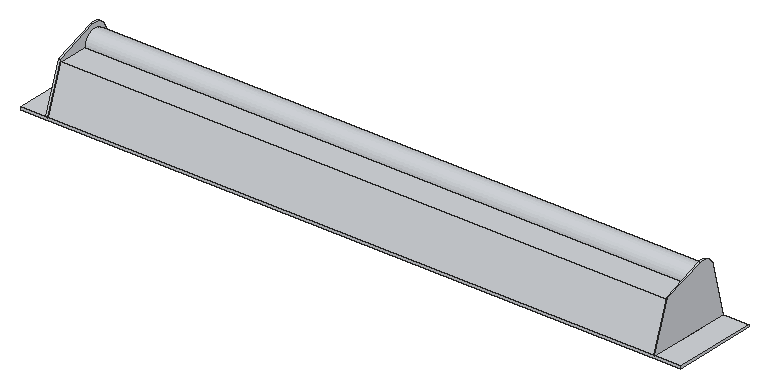
Revit family "WH1140-36 GRAB BAR", category Mechanical Equipment, host Face, Revit 2016
Family settings
  Host = Face
  Part Type = Normal
  Round Connector Dimension = Use Diameter
  OmniClass Number = 23.30.80.14
  OmniClass Title = Handrails
  Cut with Voids When Loaded = No
  Shared = Yes
  Room Calculation Point = No
Parameters (values of type "WH1140-36")
  Waste Connection = no
  OVERALL SIZE WIDTH = 36
  Voltage = 0
  Vent Connection = no
  URL = "https://www.whitehallmfg.com/home"
  Type Comments = ""
  Tempered Water Connection = no
  Revised Date = "10/10/19"
  Phone# = "1.800.782.7706"
  Model = "WH1140-36"
  Material = Stainless Steel
  Manufacturer = "Whitehall Mfg"
  OVERALL SIZE HEIGHT = 3
  HW Connection = no
  Designed By = "ACORN BIM DESIGN TEAM"
  Description = "WH1140-36 - Ligature Resistant Grab Bar With V Closure Strip 36 Inch Long"
  Default Elevation = 34.313"
  OVERALL DEPTH = 1.5
  CW Connection = no
  Assembly Code = ""
  Amperage = 0
  WH1140-36 - Ligature Resistant Grab Bar With V Closure Strip 36 Inch Long = ""
Reference planes (in)
  plane 1 "Center (Front/Back)": y = 7.11601
  plane 2: z = 0
  plane 3 "Center (Left/Right)": x = 0
  plane 4: x = 19.5
  plane 5: x = -19.5
  plane 6: y = 9.61601
  plane 7: y = 4.61601
  plane 8: x = -18
  plane 9: x = 18
  plane 10: y = 8.80301
Forms (in)
  Extrusion 1, solid
    sketch origin (0, 0, 0) x (1, 0, 0) y (0, 1, 0)
      loop
        line (-19.5, 9.61601) -> (-19.5, 4.61601) -> (19.5, 4.61601) -> (19.5, 9.61601) -> (-19.5, 9.61601)
    from 0 to 0.125
  Extrusion 2, solid
    sketch origin (-9, -60, 48) x (0, -1, 0) y (0, 0, 1)
      loop
        line (-69.61601, -47.875) -> (-64.61601, -47.875) -> (-65.57954, -45.22773) -> (-67.97349, -44.38741)
        arc (-67.97349, -44.38741) -> (-68.54121, -44.47225) -> (-68.88266, -44.93369) r 0.75
        line (-68.88266, -44.93369) -> (-69.61601, -47.875)
    from 8.88927 to 9
  Extrusion 3, solid
    sketch origin (9, -60, 48) x (0, -1, 0) y (0, 0, -1)
      loop
        line (-69.61601, 47.875) -> (-68.88266, 44.93369)
        arc (-68.88266, 44.93369) -> (-68.54121, 44.47225) -> (-67.97349, 44.38741) r 0.75
        line (-67.97349, 44.38741) -> (-65.57954, 45.22773) -> (-64.61601, 47.875) -> (-69.61601, 47.875)
    from 8.88927 to 9
  Extrusion 4, solid
    sketch origin (0, 0, 0) x (0, 1, 0) y (0, 0, 1)
      loop
        line (8.05978, 0.125) -> (8.05978, 1.95495)
        arc (8.05978, 1.95495) -> (8.56893, 3.18415) -> (7.33973, 2.675) r 0.72005
        line (7.33973, 2.675) -> (5.55015, 2.675) -> (4.61601, 0.125) -> (8.05978, 0.125)
    from -18 to 18
Dimensions and locks (in)
  host sketch curve to plane 1 "Center (Front/Back)" to host sketch curve = 4.11523", 4.000"
  equal spacing: plane 5, plane 3 "Center (Left/Right)", plane 4
  plane 4 to plane 5 = 39.000"
  plane 5 to plane 3 "Center (Left/Right)" = 19.500"
  equal spacing: plane 6, plane 1 "Center (Front/Back)", plane 7
  plane 4 to plane 3 "Center (Left/Right)" = 19.500"
  plane 5 to plane 4 = 39.000"
  plane 6 to plane 7 = 5.000"
  equal spacing: plane 8, plane 3 "Center (Left/Right)", plane 9
  plane 8 to plane 9 = 36.000"
  Extrusion 4 sketch curve to Extrusion 1 = 1.82995"
  host face to Extrusion 4 sketch curve = 2.675"
  plane 10 to plane 1 "Center (Front/Back)" = 1.687"
  aligned and locked: plane 2 to host face
  aligned and locked: level to host face
  aligned and locked: plane 6 to Extrusion 1
  aligned and locked: Extrusion 1 to plane 7
  aligned and locked: Extrusion 2 to plane 8
Automatic sketch dimensions
  host sketch curve to host sketch curve = 41.46236"
  Extrusion 1 sketch curve to plane 5 = 0.000"
  Extrusion 1 sketch curve to plane 4 = 0.000"
  Extrusion 1 sketch curve to plane 7 = 0.000"
  Extrusion 1 sketch curve to plane 6 = 0.000"
  Extrusion 2 sketch curve to plane 6 = 0.000"
  Extrusion 2 sketch curve to plane 7 = 0.000"
  Extrusion 2 sketch curve to plane 6 = 0.73335"
  Extrusion 2 sketch curve to Extrusion 2 sketch curve = 0.72772"
  Extrusion 2 sketch curve to Extrusion 2 sketch curve = 0.18144"  (x2)
  plane 7 to Extrusion 2 sketch curve = 0.96353"
  level to Extrusion 2 sketch curve = 0.125"
  level to Extrusion 2 sketch curve = 2.77227"
  Extrusion 2 sketch curve to Extrusion 2 sketch curve = 0.1126"
  Extrusion 3 sketch curve to plane 6 = 0.000"
  Extrusion 3 sketch curve to plane 7 = 0.000"
  Extrusion 3 sketch curve to plane 6 = 0.73335"
  Extrusion 3 sketch curve to Extrusion 3 sketch curve = 0.72772"
  Extrusion 3 sketch curve to Extrusion 3 sketch curve = 0.18144"
  plane 7 to Extrusion 3 sketch curve = 0.96353"
  level to Extrusion 3 sketch curve = 3.61259"
  Extrusion 3 sketch curve to Extrusion 3 sketch curve = 0.54628"
  Extrusion 3 sketch curve to Extrusion 3 sketch curve = 0.84032"
  level to Extrusion 3 sketch curve = 0.125"
  Extrusion 4 sketch curve to plane 7 = 0.000"
  plane 7 to Extrusion 4 sketch curve = 0.93414"
  Extrusion 4 sketch curve to plane 1 "Center (Front/Back)" = 0.22372"
  level to Extrusion 4 sketch curve = 0.125"
